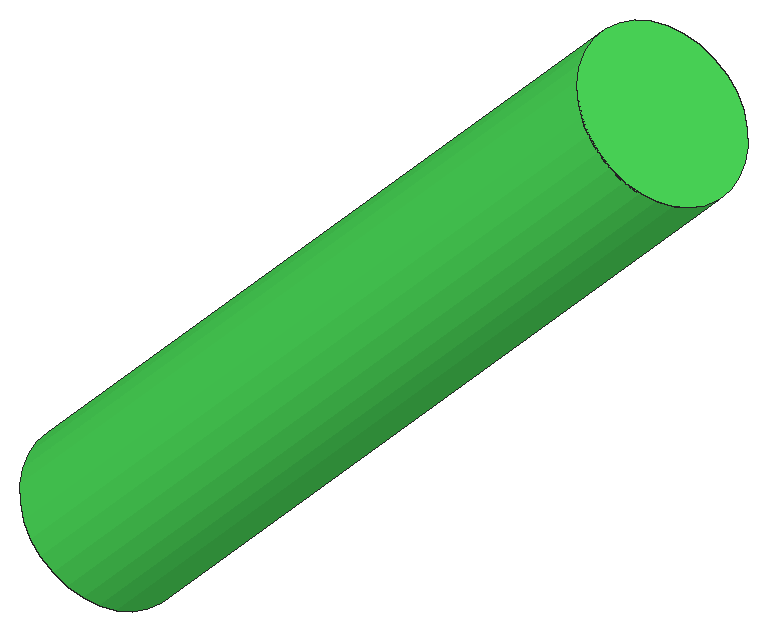
Revit family "機器サポート_鋼管（STK）", category Generic Models, Revit 2023
Family settings
  Can host rebar = No
  Round Connector Dimension = Use Diameter
  Part Type = Normal
  Work Plane-Based = Yes
  Always vertical = No
  Cut with Voids When Loaded = No
  Maintain Annotation Orientation = No
  Shared = No
  Room Calculation Point = No
Parameters (values of type "STK 101.6mm")
  長辺 [instance] = 長さ  # 500 mm
  長さ [instance] = 500 mm
  部屋名 = ""
  角度 [instance] = 45.00°
  直径 = 101.6 mm
  Default Elevation = 1219.2 mm
  構造マテリアル = E003_機器サポート
  半径 = 直径 / 2  # 50.8 mm
Types (29, lengths in mm): name | 直径 | 半径
  STK 101.6mm | 101.6 | 50.8
  STK 1016.0mm | 1016 | 508
  STK 114.3mm | 114.3 | 57.15
  STK 139.8mm | 139.8 | 69.9
  STK 165.2mm | 165.2 | 82.6
  STK 190.7mm | 190.7 | 95.35
  STK 21.7mm | 21.7 | 10.85
  STK 216.3mm | 216.3 | 108.15
  STK 267.4mm | 267.4 | 133.7
  STK 27.2mm | 27.2 | 13.6
  STK 318.5mm | 318.5 | 159.25
  STK 34.0mm | 34 | 17
  STK 355.6mm | 355.6 | 177.8
  STK 406.4mm | 406.4 | 203.2
  STK 42.7mm | 42.7 | 21.35
  STK 457.2mm | 457.2 | 228.6
  STK 48.6mm | 48.6 | 24.3
  STK 500.0mm | 500 | 250
  STK 508.0mm | 508 | 254
  STK 558.8mm | 558.8 | 279.4
  STK 60.5mm | 60.5 | 30.25
  STK 600.0mm | 600 | 300
  STK 609.6mm | 609.6 | 304.8
  STK 700.0mm | 700 | 350
  STK 711.2mm | 711.2 | 355.6
  STK 76.3mm | 76.3 | 38.15
  STK 812.8mm | 812.8 | 406.4
  STK 89.1mm | 89.1 | 44.55
  STK 914.4mm | 914.4 | 457.2
Reference planes
  plane 1 "中心(正面/背面)": y = 0
  plane 2: z = 0
  plane 3 "中心(左/右)": x = 0
Lines and regions (mm)
  reference lines
    curve 1: line (0, 0, 0) -> (848.528, 0, 848.528)
    curve 2: line (35.921, 0, -35.921) -> (-35.921, 0, 35.921)
    curve 3: line (389.474, 0, 317.632) -> (317.632, 0, 389.474)
Dimensions and locks
  equal spacing: curve 2, curve 1, curve 2
  "直径": curve 2 to curve 2
  equal spacing: curve 3, curve 1, curve 3
  "直径": curve 3 to curve 3
  "長さ": curve 3 to curve 2
  "角度": angle level to curve 1
  angle curve 2 to curve 1 = 90.00°
  angle curve 3 to curve 1 = 90.00°
  aligned and locked: level to plane 2
  aligned and locked: level to curve 1
  aligned and locked: plane 3 "中心(左/右)" to curve 1
  aligned and locked: nested 1 to curve 1
Nested families
  nested 1: "グレーチング_鋼管（STK）" at (0, 0, 0) x (0.7071, 0, -0.7071) z (0, -1, 0), 長さ <- "長さ", type "STK 21.7mm"
    with 長辺 500 mm, 長さ 500 mm, 直径 101.6 mm, 半径 50.8 mm
Definition of nested family "グレーチング_鋼管（STK）"
  Parameters (values of type "STK 165.2mm")
    長辺 [instance] = 長さ  # 1000 mm
    長さ [instance] = 1000 mm
    直径 = 165.2 mm
    Default Elevation = 1219.2 mm
    構造マテリアル = none
    半径 = 直径 / 2  # 82.6 mm
  Types (29, lengths in mm): name | 直径 | 半径
    STK 21.7mm | 21.7 | 10.85
    STK 27.2mm | 27.2 | 13.6
    STK 34.0mm | 34 | 17
    STK 42.7mm | 42.7 | 21.35
    STK 48.6mm | 48.6 | 24.3
    STK 60.5mm | 60.5 | 30.25
    STK 76.3mm | 76.3 | 38.15
    STK 89.1mm | 89.1 | 44.55
    STK 101.6mm | 101.6 | 50.8
    STK 114.3mm | 114.3 | 57.15
    STK 139.8mm | 139.8 | 69.9
    STK 165.2mm | 165.2 | 82.6
    STK 190.7mm | 190.7 | 95.35
    STK 216.3mm | 216.3 | 108.15
    STK 267.4mm | 267.4 | 133.7
    STK 318.5mm | 318.5 | 159.25
    STK 355.6mm | 355.6 | 177.8
    STK 406.4mm | 406.4 | 203.2
    STK 457.2mm | 457.2 | 228.6
    STK 500.0mm | 500 | 250
    STK 508.0mm | 508 | 254
    STK 558.8mm | 508 | 254
    STK 600.0mm | 600 | 300
    STK 609.6mm | 609.6 | 304.8
    STK 700.0mm | 700 | 350
    STK 711.2mm | 711.2 | 355.6
    STK 812.8mm | 812.8 | 406.4
    STK 914.4mm | 914.4 | 457.2
    STK 1016.0mm | 1016 | 508
  Reference planes
    plane 1 "中心(正面/背面)": y = 0
    plane 2: z = 0
    plane 3 "中心(左/右)": x = 0
  Forms (mm)
    Extrusion 1, solid, material <- "構造マテリアル"
      sketch origin (0, 0, 0) x (1, 0, 0) y (0, 0, 1)
        loop
          circle (0, 0) r 82.6
      from -1000 to 0
  Lines and regions (mm)
    reference lines
      curve 1: line (82.6, 1000, 0) -> (-82.6, 1000, 0)
      curve 2: line (82.6, 0, 0) -> (-82.6, 0, 0)
  Dimensions and locks
    "長さ": curve 1 to curve 2
    "直径": curve 1 to curve 1
    equal spacing: curve 1, plane 3 "中心(左/右)", curve 1
    "直径": curve 2 to curve 2
    equal spacing: curve 2, plane 3 "中心(左/右)", curve 2
    "半径": radius of Extrusion 1 sketch curve
    aligned and locked: level to plane 2
    aligned and locked: Extrusion 1 to curve 1
    aligned and locked: Extrusion 1 to curve 2
  Automatic sketch dimensions
    Extrusion 1 sketch curve to level = 0 mm
    Extrusion 1 sketch curve to plane 3 "中心(左/右)" = 0 mm
    plane 1 "中心(正面/背面)" to curve 2 = 0 mm
